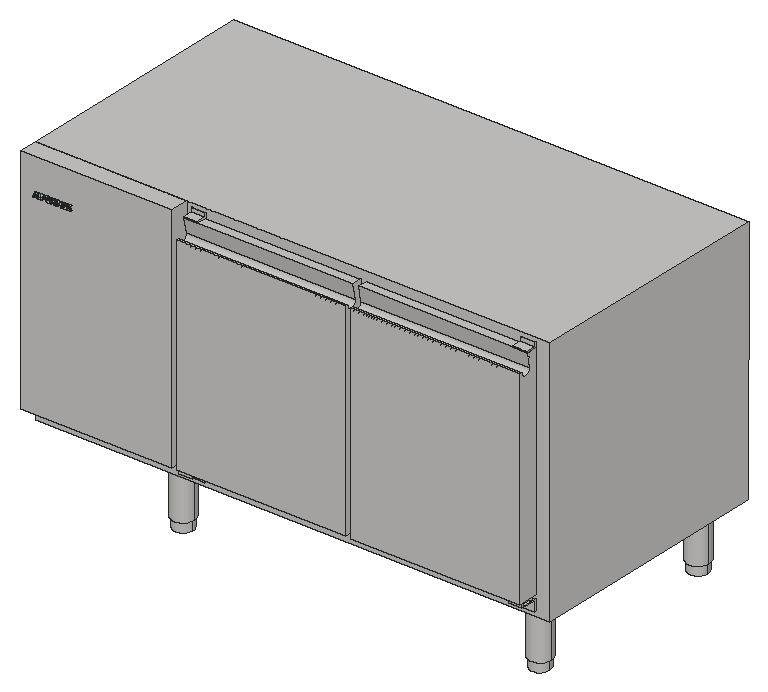
Revit family "QF_ALPENINOX_712675_AJ2F7AA", category Specialty Equipment, Revit 2018 (continued)
Definition of nested family "APX_BI_BT_L_650"
  Lines and regions (mm)
    Split face 122
      outline origin (-5, -975.3, 50) x (1, 0, 0) y (0, 1, 0)
        loop
          arc (-121.464, 661.474) -> (-117.464, 665.474) -> (-121.464, 669.474) r 4
          line (-121.464, 669.474) -> (-163.464, 669.474)
    Split face 123
      outline origin (325, -975.3, 50) x (1, 0, 0) y (0, 1, 0)
        loop
          arc (-328.464, 669.474) -> (-332.464, 665.474) -> (-328.464, 661.474) r 4
          line (-328.464, 661.474) -> (-286.464, 661.474)
          arc (-286.464, 661.474) -> (-282.464, 665.474) -> (-286.464, 669.474) r 4
          line (-286.464, 669.474) -> (-328.464, 669.474)
    Split face 124
      outline origin (105, -975.3, 50) x (1, 0, 0) y (0, 1, 0)
        loop
          arc (-218.464, 669.474) -> (-222.464, 665.474) -> (-218.464, 661.474) r 4
          line (-218.464, 661.474) -> (-176.464, 661.474)
          arc (-176.464, 661.474) -> (-172.464, 665.474) -> (-176.464, 669.474) r 4
          line (-176.464, 669.474) -> (-218.464, 669.474)
    Split face 125
      outline origin (215, -975.3, 50) x (1, 0, 0) y (0, 1, 0)
        loop
          arc (-273.464, 669.474) -> (-277.464, 665.474) -> (-273.464, 661.474) r 4
          line (-273.464, 661.474) -> (-231.464, 661.474)
          arc (-231.464, 661.474) -> (-227.464, 665.474) -> (-231.464, 669.474) r 4
          line (-231.464, 669.474) -> (-273.464, 669.474)
    Split face 126
      outline origin (-5, -999.3, 50) x (1, 0, 0) y (0, 1, 0)
        loop
          arc (-163.464, 681.474) -> (-167.464, 677.474) -> (-163.464, 673.474) r 4
          line (-163.464, 673.474) -> (-121.464, 673.474)
          arc (-121.464, 673.474) -> (-117.464, 677.474) -> (-121.464, 681.474) r 4
          line (-121.464, 681.474) -> (-163.464, 681.474)
    Split face 127
      outline origin (325, -999.3, 50) x (1, 0, 0) y (0, 1, 0)
        loop
          arc (-328.464, 681.474) -> (-332.464, 677.474) -> (-328.464, 673.474) r 4
          line (-328.464, 673.474) -> (-286.464, 673.474)
          arc (-286.464, 673.474) -> (-282.464, 677.474) -> (-286.464, 681.474) r 4
          line (-286.464, 681.474) -> (-328.464, 681.474)
    Split face 128
      outline origin (105, -999.3, 50) x (1, 0, 0) y (0, 1, 0)
        loop
          arc (-218.464, 681.474) -> (-222.464, 677.474) -> (-218.464, 673.474) r 4
          line (-218.464, 673.474) -> (-176.464, 673.474)
          arc (-176.464, 673.474) -> (-172.464, 677.474) -> (-176.464, 681.474) r 4
          line (-176.464, 681.474) -> (-218.464, 681.474)
    Split face 129
      outline origin (215, -999.3, 50) x (1, 0, 0) y (0, 1, 0)
        loop
          arc (-273.464, 681.474) -> (-277.464, 677.474) -> (-273.464, 673.474) r 4
          line (-273.464, 673.474) -> (-231.464, 673.474)
          arc (-231.464, 673.474) -> (-227.464, 677.474) -> (-231.464, 681.474) r 4
          line (-231.464, 681.474) -> (-273.464, 681.474)
    Split face 130
      outline origin (-5, -1023.3, 50) x (1, 0, 0) y (0, 1, 0)
        loop
          arc (-163.464, 693.474) -> (-167.464, 689.474) -> (-163.464, 685.474) r 4
          line (-163.464, 685.474) -> (-121.464, 685.474)
          arc (-121.464, 685.474) -> (-117.464, 689.474) -> (-121.464, 693.474) r 4
          line (-121.464, 693.474) -> (-163.464, 693.474)
    Split face 131
      outline origin (325, -1023.3, 50) x (1, 0, 0) y (0, 1, 0)
        loop
          arc (-328.464, 693.474) -> (-332.464, 689.474) -> (-328.464, 685.474) r 4
          line (-328.464, 685.474) -> (-286.464, 685.474)
          arc (-286.464, 685.474) -> (-282.464, 689.474) -> (-286.464, 693.474) r 4
          line (-286.464, 693.474) -> (-328.464, 693.474)
    Split face 132
      outline origin (105, -1023.3, 50) x (1, 0, 0) y (0, 1, 0)
        loop
          arc (-218.464, 693.474) -> (-222.464, 689.474) -> (-218.464, 685.474) r 4
          line (-218.464, 685.474) -> (-176.464, 685.474)
          arc (-176.464, 685.474) -> (-172.464, 689.474) -> (-176.464, 693.474) r 4
          line (-176.464, 693.474) -> (-218.464, 693.474)
    Split face 133
      outline origin (215, -1023.3, 50) x (1, 0, 0) y (0, 1, 0)
        loop
          arc (-273.464, 693.474) -> (-277.464, 689.474) -> (-273.464, 685.474) r 4
          line (-273.464, 685.474) -> (-231.464, 685.474)
          arc (-231.464, 685.474) -> (-227.464, 689.474) -> (-231.464, 693.474) r 4
          line (-231.464, 693.474) -> (-273.464, 693.474)
    Split face 134
      outline origin (0, 0, 50) x (1, 0, 0) y (0, 1, 0)
        loop
          arc (51.536, 131.824) -> (47.536, 127.824) -> (51.536, 123.824) r 4
          line (51.536, 123.824) -> (93.536, 123.824)
          arc (93.536, 123.824) -> (97.536, 127.824) -> (93.536, 131.824) r 4
          line (93.536, 131.824) -> (51.536, 131.824)
    Split face 135
      outline origin (0, 0, 50) x (1, 0, 0) y (0, 1, 0)
        loop
          arc (106.536, 131.824) -> (102.536, 127.824) -> (106.536, 123.824) r 4
          line (106.536, 123.824) -> (148.536, 123.824)
          arc (148.536, 123.824) -> (152.536, 127.824) -> (148.536, 131.824) r 4
          line (148.536, 131.824) -> (106.536, 131.824)
    Split face 136
      outline origin (0, -24, 50) x (1, 0, 0) y (0, 1, 0)
        loop
          arc (51.536, 143.824) -> (47.536, 139.824) -> (51.536, 135.824) r 4
          line (51.536, 135.824) -> (93.536, 135.824)
          arc (93.536, 135.824) -> (97.536, 139.824) -> (93.536, 143.824) r 4
          line (93.536, 143.824) -> (51.536, 143.824)
    Split face 137
      outline origin (0, -24, 50) x (1, 0, 0) y (0, 1, 0)
        loop
          arc (106.536, 143.824) -> (102.536, 139.824) -> (106.536, 135.824) r 4
          line (106.536, 135.824) -> (148.536, 135.824)
          arc (148.536, 135.824) -> (152.536, 139.824) -> (148.536, 143.824) r 4
          line (148.536, 143.824) -> (106.536, 143.824)
    Split face 138
      outline origin (0, -48, 50) x (1, 0, 0) y (0, 1, 0)
        loop
          arc (51.536, 155.824) -> (47.536, 151.824) -> (51.536, 147.824) r 4
          line (51.536, 147.824) -> (93.536, 147.824)
          arc (93.536, 147.824) -> (97.536, 151.824) -> (93.536, 155.824) r 4
          line (93.536, 155.824) -> (51.536, 155.824)
    Split face 139
      outline origin (0, -48, 50) x (1, 0, 0) y (0, 1, 0)
        loop
          arc (106.536, 155.824) -> (102.536, 151.824) -> (106.536, 147.824) r 4
          line (106.536, 147.824) -> (148.536, 147.824)
          arc (148.536, 147.824) -> (152.536, 151.824) -> (148.536, 155.824) r 4
          line (148.536, 155.824) -> (106.536, 155.824)
    Split face 140
      outline origin (0, -72, 50) x (1, 0, 0) y (0, 1, 0)
        loop
          arc (51.536, 167.824) -> (47.536, 163.824) -> (51.536, 159.824) r 4
          line (51.536, 159.824) -> (93.536, 159.824)
          arc (93.536, 159.824) -> (97.536, 163.824) -> (93.536, 167.824) r 4
          line (93.536, 167.824) -> (51.536, 167.824)
    Split face 141
      outline origin (0, -72, 50) x (1, 0, 0) y (0, 1, 0)
        loop
          arc (106.536, 167.824) -> (102.536, 163.824) -> (106.536, 159.824) r 4
          line (106.536, 159.824) -> (148.536, 159.824)
          arc (148.536, 159.824) -> (152.536, 163.824) -> (148.536, 167.824) r 4
          line (148.536, 167.824) -> (106.536, 167.824)
    Split face 142
      outline origin (0, -96, 50) x (1, 0, 0) y (0, 1, 0)
        loop
          arc (51.536, 179.824) -> (47.536, 175.824) -> (51.536, 171.824) r 4
          line (51.536, 171.824) -> (93.536, 171.824)
          arc (93.536, 171.824) -> (97.536, 175.824) -> (93.536, 179.824) r 4
          line (93.536, 179.824) -> (51.536, 179.824)
    Split face 143
      outline origin (0, -96, 50) x (1, 0, 0) y (0, 1, 0)
        loop
          arc (106.536, 179.824) -> (102.536, 175.824) -> (106.536, 171.824) r 4
          line (106.536, 171.824) -> (148.536, 171.824)
          arc (148.536, 171.824) -> (152.536, 175.824) -> (148.536, 179.824) r 4
          line (148.536, 179.824) -> (106.536, 179.824)
    Split face 144
      outline origin (0, -120, 50) x (1, 0, 0) y (0, 1, 0)
        loop
          arc (51.536, 191.824) -> (47.536, 187.824) -> (51.536, 183.824) r 4
          line (51.536, 183.824) -> (93.536, 183.824)
          arc (93.536, 183.824) -> (97.536, 187.824) -> (93.536, 191.824) r 4
          line (93.536, 191.824) -> (51.536, 191.824)
    Split face 145
      outline origin (0, -120, 50) x (1, 0, 0) y (0, 1, 0)
        loop
          arc (106.536, 191.824) -> (102.536, 187.824) -> (106.536, 183.824) r 4
          line (106.536, 183.824) -> (148.536, 183.824)
          arc (148.536, 183.824) -> (152.536, 187.824) -> (148.536, 191.824) r 4
          line (148.536, 191.824) -> (106.536, 191.824)
    Split face 146
      outline origin (0, -144, 50) x (1, 0, 0) y (0, 1, 0)
        loop
          arc (51.536, 203.824) -> (47.536, 199.824) -> (51.536, 195.824) r 4
          line (51.536, 195.824) -> (93.536, 195.824)
          arc (93.536, 195.824) -> (97.536, 199.824) -> (93.536, 203.824) r 4
          line (93.536, 203.824) -> (51.536, 203.824)
    Split face 147
      outline origin (0, -144, 50) x (1, 0, 0) y (0, 1, 0)
        loop
          arc (106.536, 203.824) -> (102.536, 199.824) -> (106.536, 195.824) r 4
          line (106.536, 195.824) -> (148.536, 195.824)
          arc (148.536, 195.824) -> (152.536, 199.824) -> (148.536, 203.824) r 4
          line (148.536, 203.824) -> (106.536, 203.824)
    Split face 148
      outline origin (0, -168, 50) x (1, 0, 0) y (0, 1, 0)
        loop
          arc (51.536, 215.824) -> (47.536, 211.824) -> (51.536, 207.824) r 4
          line (51.536, 207.824) -> (93.536, 207.824)
          arc (93.536, 207.824) -> (97.536, 211.824) -> (93.536, 215.824) r 4
          line (93.536, 215.824) -> (51.536, 215.824)
    Split face 149
      outline origin (0, -168, 50) x (1, 0, 0) y (0, 1, 0)
        loop
          arc (106.536, 215.824) -> (102.536, 211.824) -> (106.536, 207.824) r 4
          line (106.536, 207.824) -> (148.536, 207.824)
          arc (148.536, 207.824) -> (152.536, 211.824) -> (148.536, 215.824) r 4
          line (148.536, 215.824) -> (106.536, 215.824)
    Split face 150
      outline origin (0, -192, 50) x (1, 0, 0) y (0, 1, 0)
        loop
          arc (51.536, 227.824) -> (47.536, 223.824) -> (51.536, 219.824) r 4
          line (51.536, 219.824) -> (93.536, 219.824)
          arc (93.536, 219.824) -> (97.536, 223.824) -> (93.536, 227.824) r 4
          line (93.536, 227.824) -> (51.536, 227.824)
    Split face 151
      outline origin (0, -192, 50) x (1, 0, 0) y (0, 1, 0)
        loop
          arc (106.536, 227.824) -> (102.536, 223.824) -> (106.536, 219.824) r 4
          line (106.536, 219.824) -> (148.536, 219.824)
          arc (148.536, 219.824) -> (152.536, 223.824) -> (148.536, 227.824) r 4
          line (148.536, 227.824) -> (106.536, 227.824)
    Split face 152
      outline origin (0, -216, 50) x (1, 0, 0) y (0, 1, 0)
        loop
          arc (51.536, 239.824) -> (47.536, 235.824) -> (51.536, 231.824) r 4
          line (51.536, 231.824) -> (93.536, 231.824)
          arc (93.536, 231.824) -> (97.536, 235.824) -> (93.536, 239.824) r 4
          line (93.536, 239.824) -> (51.536, 239.824)
    Split face 153
      outline origin (0, -216, 50) x (1, 0, 0) y (0, 1, 0)
        loop
          arc (106.536, 239.824) -> (102.536, 235.824) -> (106.536, 231.824) r 4
          line (106.536, 231.824) -> (148.536, 231.824)
          arc (148.536, 231.824) -> (152.536, 235.824) -> (148.536, 239.824) r 4
          line (148.536, 239.824) -> (106.536, 239.824)
    Split face 154
      outline origin (0, -240, 50) x (1, 0, 0) y (0, 1, 0)
        loop
          arc (51.536, 251.824) -> (47.536, 247.824) -> (51.536, 243.824) r 4
          line (51.536, 243.824) -> (93.536, 243.824)
          arc (93.536, 243.824) -> (97.536, 247.824) -> (93.536, 251.824) r 4
          line (93.536, 251.824) -> (51.536, 251.824)
    Split face 155
      outline origin (0, -240, 50) x (1, 0, 0) y (0, 1, 0)
        loop
          arc (106.536, 251.824) -> (102.536, 247.824) -> (106.536, 243.824) r 4
          line (106.536, 243.824) -> (148.536, 243.824)
          arc (148.536, 243.824) -> (152.536, 247.824) -> (148.536, 251.824) r 4
          line (148.536, 251.824) -> (106.536, 251.824)
    Split face 156
      outline origin (0, -264, 50) x (1, 0, 0) y (0, 1, 0)
        loop
          arc (51.536, 263.824) -> (47.536, 259.824) -> (51.536, 255.824) r 4
          line (51.536, 255.824) -> (93.536, 255.824)
          arc (93.536, 255.824) -> (97.536, 259.824) -> (93.536, 263.824) r 4
          line (93.536, 263.824) -> (51.536, 263.824)
    Split face 157
      outline origin (0, -264, 50) x (1, 0, 0) y (0, 1, 0)
        loop
          arc (106.536, 263.824) -> (102.536, 259.824) -> (106.536, 255.824) r 4
          line (106.536, 255.824) -> (148.536, 255.824)
          arc (148.536, 255.824) -> (152.536, 259.824) -> (148.536, 263.824) r 4
          line (148.536, 263.824) -> (106.536, 263.824)
    Split face 158
      outline origin (0, -288, 50) x (1, 0, 0) y (0, 1, 0)
        loop
          arc (51.536, 275.824) -> (47.536, 271.824) -> (51.536, 267.824) r 4
          line (51.536, 267.824) -> (93.536, 267.824)
          arc (93.536, 267.824) -> (97.536, 271.824) -> (93.536, 275.824) r 4
          line (93.536, 275.824) -> (51.536, 275.824)
    Split face 159
      outline origin (0, -288, 50) x (1, 0, 0) y (0, 1, 0)
        loop
          arc (106.536, 275.824) -> (102.536, 271.824) -> (106.536, 267.824) r 4
          line (106.536, 267.824) -> (148.536, 267.824)
          arc (148.536, 267.824) -> (152.536, 271.824) -> (148.536, 275.824) r 4
          line (148.536, 275.824) -> (106.536, 275.824)
    Split face 160
      outline origin (0, -312, 50) x (1, 0, 0) y (0, 1, 0)
        loop
          arc (51.536, 287.824) -> (47.536, 283.824) -> (51.536, 279.824) r 4
          line (51.536, 279.824) -> (93.536, 279.824)
          arc (93.536, 279.824) -> (97.536, 283.824) -> (93.536, 287.824) r 4
          line (93.536, 287.824) -> (51.536, 287.824)
    Split face 161
      outline origin (0, -312, 50) x (1, 0, 0) y (0, 1, 0)
        loop
          arc (106.536, 287.824) -> (102.536, 283.824) -> (106.536, 279.824) r 4
          line (106.536, 279.824) -> (148.536, 279.824)
          arc (148.536, 279.824) -> (152.536, 283.824) -> (148.536, 287.824) r 4
          line (148.536, 287.824) -> (106.536, 287.824)
    Split face 162
      outline origin (0, -336, 50) x (1, 0, 0) y (0, 1, 0)
        loop
          arc (51.536, 299.824) -> (47.536, 295.824) -> (51.536, 291.824) r 4
          line (51.536, 291.824) -> (93.536, 291.824)
          arc (93.536, 291.824) -> (97.536, 295.824) -> (93.536, 299.824) r 4
          line (93.536, 299.824) -> (51.536, 299.824)
    Split face 163
      outline origin (0, -336, 50) x (1, 0, 0) y (0, 1, 0)
        loop
          arc (106.536, 299.824) -> (102.536, 295.824) -> (106.536, 291.824) r 4
          line (106.536, 291.824) -> (148.536, 291.824)
          arc (148.536, 291.824) -> (152.536, 295.824) -> (148.536, 299.824) r 4
          line (148.536, 299.824) -> (106.536, 299.824)
    Split face 164
      outline origin (0, -360, 50) x (1, 0, 0) y (0, 1, 0)
        loop
          arc (51.536, 311.824) -> (47.536, 307.824) -> (51.536, 303.824) r 4
          line (51.536, 303.824) -> (93.536, 303.824)
          arc (93.536, 303.824) -> (97.536, 307.824) -> (93.536, 311.824) r 4
          line (93.536, 311.824) -> (51.536, 311.824)
    Split face 165
      outline origin (0, -360, 50) x (1, 0, 0) y (0, 1, 0)
        loop
          arc (106.536, 311.824) -> (102.536, 307.824) -> (106.536, 303.824) r 4
          line (106.536, 303.824) -> (148.536, 303.824)
          arc (148.536, 303.824) -> (152.536, 307.824) -> (148.536, 311.824) r 4
          line (148.536, 311.824) -> (106.536, 311.824)
    Split face 166
      outline origin (0, -663.3, 50) x (1, 0, 0) y (0, 1, 0)
        loop
          arc (51.536, 513.474) -> (47.536, 509.474) -> (51.536, 505.474) r 4
          line (51.536, 505.474) -> (93.536, 505.474)
          arc (93.536, 505.474) -> (97.536, 509.474) -> (93.536, 513.474) r 4
          line (93.536, 513.474) -> (51.536, 513.474)
    Split face 167
      outline origin (0, -663.3, 50) x (1, 0, 0) y (0, 1, 0)
        loop
          arc (106.536, 513.474) -> (102.536, 509.474) -> (106.536, 505.474) r 4
          line (106.536, 505.474) -> (148.536, 505.474)
          arc (148.536, 505.474) -> (152.536, 509.474) -> (148.536, 513.474) r 4
          line (148.536, 513.474) -> (106.536, 513.474)
    Split face 168
      outline origin (0, -687.3, 50) x (1, 0, 0) y (0, 1, 0)
        loop
          arc (51.536, 525.474) -> (47.536, 521.474) -> (51.536, 517.474) r 4
          line (51.536, 517.474) -> (93.536, 517.474)
          arc (93.536, 517.474) -> (97.536, 521.474) -> (93.536, 525.474) r 4
          line (93.536, 525.474) -> (51.536, 525.474)
    Split face 169
      outline origin (0, -687.3, 50) x (1, 0, 0) y (0, 1, 0)
        loop
          arc (106.536, 525.474) -> (102.536, 521.474) -> (106.536, 517.474) r 4
          line (106.536, 517.474) -> (148.536, 517.474)
          arc (148.536, 517.474) -> (152.536, 521.474) -> (148.536, 525.474) r 4
          line (148.536, 525.474) -> (106.536, 525.474)
    Split face 170
      outline origin (0, -711.3, 50) x (1, 0, 0) y (0, 1, 0)
        loop
          arc (51.536, 537.474) -> (47.536, 533.474) -> (51.536, 529.474) r 4
          line (51.536, 529.474) -> (93.536, 529.474)
          arc (93.536, 529.474) -> (97.536, 533.474) -> (93.536, 537.474) r 4
          line (93.536, 537.474) -> (51.536, 537.474)
    Split face 171
      outline origin (0, -711.3, 50) x (1, 0, 0) y (0, 1, 0)
        loop
          arc (106.536, 537.474) -> (102.536, 533.474) -> (106.536, 529.474) r 4
          line (106.536, 529.474) -> (148.536, 529.474)
          arc (148.536, 529.474) -> (152.536, 533.474) -> (148.536, 537.474) r 4
          line (148.536, 537.474) -> (106.536, 537.474)
    Split face 172
      outline origin (0, -735.3, 50) x (1, 0, 0) y (0, 1, 0)
        loop
          arc (51.536, 549.474) -> (47.536, 545.474) -> (51.536, 541.474) r 4
          line (51.536, 541.474) -> (93.536, 541.474)
          arc (93.536, 541.474) -> (97.536, 545.474) -> (93.536, 549.474) r 4
          line (93.536, 549.474) -> (51.536, 549.474)
    Split face 173
      outline origin (0, -735.3, 50) x (1, 0, 0) y (0, 1, 0)
        loop
          arc (106.536, 549.474) -> (102.536, 545.474) -> (106.536, 541.474) r 4
          line (106.536, 541.474) -> (148.536, 541.474)
          arc (148.536, 541.474) -> (152.536, 545.474) -> (148.536, 549.474) r 4
          line (148.536, 549.474) -> (106.536, 549.474)
    Split face 174
      outline origin (0, -759.3, 50) x (1, 0, 0) y (0, 1, 0)
        loop
          arc (51.536, 561.474) -> (47.536, 557.474) -> (51.536, 553.474) r 4
          line (51.536, 553.474) -> (93.536, 553.474)
          arc (93.536, 553.474) -> (97.536, 557.474) -> (93.536, 561.474) r 4
          line (93.536, 561.474) -> (51.536, 561.474)
    Split face 175
      outline origin (0, -759.3, 50) x (1, 0, 0) y (0, 1, 0)
        loop
          arc (106.536, 561.474) -> (102.536, 557.474) -> (106.536, 553.474) r 4
          line (106.536, 553.474) -> (148.536, 553.474)
          arc (148.536, 553.474) -> (152.536, 557.474) -> (148.536, 561.474) r 4
          line (148.536, 561.474) -> (106.536, 561.474)
    Split face 176
      outline origin (0, -783.3, 50) x (1, 0, 0) y (0, 1, 0)
        loop
          arc (51.536, 573.474) -> (47.536, 569.474) -> (51.536, 565.474) r 4
          line (51.536, 565.474) -> (93.536, 565.474)
          arc (93.536, 565.474) -> (97.536, 569.474) -> (93.536, 573.474) r 4
          line (93.536, 573.474) -> (51.536, 573.474)
    Split face 177
      outline origin (0, -783.3, 50) x (1, 0, 0) y (0, 1, 0)
        loop
          arc (106.536, 573.474) -> (102.536, 569.474) -> (106.536, 565.474) r 4
          line (106.536, 565.474) -> (148.536, 565.474)
          arc (148.536, 565.474) -> (152.536, 569.474) -> (148.536, 573.474) r 4
          line (148.536, 573.474) -> (106.536, 573.474)
    Split face 178
      outline origin (0, -807.3, 50) x (1, 0, 0) y (0, 1, 0)
        loop
          arc (51.536, 585.474) -> (47.536, 581.474) -> (51.536, 577.474) r 4
          line (51.536, 577.474) -> (93.536, 577.474)
          arc (93.536, 577.474) -> (97.536, 581.474) -> (93.536, 585.474) r 4
          line (93.536, 585.474) -> (51.536, 585.474)
    Split face 179
      outline origin (0, -807.3, 50) x (1, 0, 0) y (0, 1, 0)
        loop
          arc (106.536, 585.474) -> (102.536, 581.474) -> (106.536, 577.474) r 4
          line (106.536, 577.474) -> (148.536, 577.474)
          arc (148.536, 577.474) -> (152.536, 581.474) -> (148.536, 585.474) r 4
          line (148.536, 585.474) -> (106.536, 585.474)
    Split face 180
      outline origin (0, -831.3, 50) x (1, 0, 0) y (0, 1, 0)
        loop
          arc (51.536, 597.474) -> (47.536, 593.474) -> (51.536, 589.474) r 4
          line (51.536, 589.474) -> (93.536, 589.474)
          arc (93.536, 589.474) -> (97.536, 593.474) -> (93.536, 597.474) r 4
          line (93.536, 597.474) -> (51.536, 597.474)
    Split face 181
      outline origin (0, -831.3, 50) x (1, 0, 0) y (0, 1, 0)
        loop
          arc (106.536, 597.474) -> (102.536, 593.474) -> (106.536, 589.474) r 4
          line (106.536, 589.474) -> (148.536, 589.474)
          arc (148.536, 589.474) -> (152.536, 593.474) -> (148.536, 597.474) r 4
          line (148.536, 597.474) -> (106.536, 597.474)
    Split face 182
      outline origin (0, -855.3, 50) x (1, 0, 0) y (0, 1, 0)
        loop
          arc (51.536, 609.474) -> (47.536, 605.474) -> (51.536, 601.474) r 4
          line (51.536, 601.474) -> (93.536, 601.474)
          arc (93.536, 601.474) -> (97.536, 605.474) -> (93.536, 609.474) r 4
          line (93.536, 609.474) -> (51.536, 609.474)
    Split face 183
      outline origin (0, -855.3, 50) x (1, 0, 0) y (0, 1, 0)
        loop
          arc (106.536, 609.474) -> (102.536, 605.474) -> (106.536, 601.474) r 4
          line (106.536, 601.474) -> (148.536, 601.474)
          arc (148.536, 601.474) -> (152.536, 605.474) -> (148.536, 609.474) r 4
          line (148.536, 609.474) -> (106.536, 609.474)
    Split face 184
      outline origin (0, -879.3, 50) x (1, 0, 0) y (0, 1, 0)
        loop
          arc (51.536, 621.474) -> (47.536, 617.474) -> (51.536, 613.474) r 4
          line (51.536, 613.474) -> (93.536, 613.474)
          arc (93.536, 613.474) -> (97.536, 617.474) -> (93.536, 621.474) r 4
          line (93.536, 621.474) -> (51.536, 621.474)
    Split face 185
      outline origin (0, -879.3, 50) x (1, 0, 0) y (0, 1, 0)
        loop
          arc (106.536, 621.474) -> (102.536, 617.474) -> (106.536, 613.474) r 4
          line (106.536, 613.474) -> (148.536, 613.474)
          arc (148.536, 613.474) -> (152.536, 617.474) -> (148.536, 621.474) r 4
          line (148.536, 621.474) -> (106.536, 621.474)
    Split face 186
      outline origin (0, -903.3, 50) x (1, 0, 0) y (0, 1, 0)
        loop
          arc (51.536, 633.474) -> (47.536, 629.474) -> (51.536, 625.474) r 4
          line (51.536, 625.474) -> (93.536, 625.474)
          arc (93.536, 625.474) -> (97.536, 629.474) -> (93.536, 633.474) r 4
          line (93.536, 633.474) -> (51.536, 633.474)
    Split face 187
      outline origin (0, -903.3, 50) x (1, 0, 0) y (0, 1, 0)
        loop
          arc (106.536, 633.474) -> (102.536, 629.474) -> (106.536, 625.474) r 4
          line (106.536, 625.474) -> (148.536, 625.474)
          arc (148.536, 625.474) -> (152.536, 629.474) -> (148.536, 633.474) r 4
          line (148.536, 633.474) -> (106.536, 633.474)
    Split face 188
      outline origin (0, -927.3, 50) x (1, 0, 0) y (0, 1, 0)
        loop
          arc (51.536, 645.474) -> (47.536, 641.474) -> (51.536, 637.474) r 4
          line (51.536, 637.474) -> (93.536, 637.474)
          arc (93.536, 637.474) -> (97.536, 641.474) -> (93.536, 645.474) r 4
          line (93.536, 645.474) -> (51.536, 645.474)
    Split face 189
      outline origin (0, -927.3, 50) x (1, 0, 0) y (0, 1, 0)
        loop
          arc (106.536, 645.474) -> (102.536, 641.474) -> (106.536, 637.474) r 4
          line (106.536, 637.474) -> (148.536, 637.474)
          arc (148.536, 637.474) -> (152.536, 641.474) -> (148.536, 645.474) r 4
          line (148.536, 645.474) -> (106.536, 645.474)
    Split face 190
      outline origin (0, -951.3, 50) x (1, 0, 0) y (0, 1, 0)
        loop
          arc (51.536, 657.474) -> (47.536, 653.474) -> (51.536, 649.474) r 4
          line (51.536, 649.474) -> (93.536, 649.474)
          arc (93.536, 649.474) -> (97.536, 653.474) -> (93.536, 657.474) r 4
          line (93.536, 657.474) -> (51.536, 657.474)
    Split face 191
      outline origin (0, -951.3, 50) x (1, 0, 0) y (0, 1, 0)
        loop
          arc (106.536, 657.474) -> (102.536, 653.474) -> (106.536, 649.474) r 4
          line (106.536, 649.474) -> (148.536, 649.474)
          arc (148.536, 649.474) -> (152.536, 653.474) -> (148.536, 657.474) r 4
          line (148.536, 657.474) -> (106.536, 657.474)
    Split face 192
      outline origin (0, -975.3, 50) x (1, 0, 0) y (0, 1, 0)
        loop
          arc (51.536, 669.474) -> (47.536, 665.474) -> (51.536, 661.474) r 4
          line (51.536, 661.474) -> (93.536, 661.474)
          arc (93.536, 661.474) -> (97.536, 665.474) -> (93.536, 669.474) r 4
          line (93.536, 669.474) -> (51.536, 669.474)
    Split face 193
      outline origin (0, -975.3, 50) x (1, 0, 0) y (0, 1, 0)
        loop
          arc (106.536, 669.474) -> (102.536, 665.474) -> (106.536, 661.474) r 4
          line (106.536, 661.474) -> (148.536, 661.474)
          arc (148.536, 661.474) -> (152.536, 665.474) -> (148.536, 669.474) r 4
          line (148.536, 669.474) -> (106.536, 669.474)
    Split face 194
      outline origin (0, -999.3, 50) x (1, 0, 0) y (0, 1, 0)
        loop
          arc (51.536, 681.474) -> (47.536, 677.474) -> (51.536, 673.474) r 4
          line (51.536, 673.474) -> (93.536, 673.474)
          arc (93.536, 673.474) -> (97.536, 677.474) -> (93.536, 681.474) r 4
          line (93.536, 681.474) -> (51.536, 681.474)
    Split face 195
      outline origin (0, -999.3, 50) x (1, 0, 0) y (0, 1, 0)
        loop
          arc (106.536, 681.474) -> (102.536, 677.474) -> (106.536, 673.474) r 4
          line (106.536, 673.474) -> (148.536, 673.474)
          arc (148.536, 673.474) -> (152.536, 677.474) -> (148.536, 681.474) r 4
          line (148.536, 681.474) -> (106.536, 681.474)
    Split face 196
      outline origin (0, -1023.3, 50) x (1, 0, 0) y (0, 1, 0)
        loop
          arc (51.536, 693.474) -> (47.536, 689.474) -> (51.536, 685.474) r 4
          line (51.536, 685.474) -> (93.536, 685.474)
          arc (93.536, 685.474) -> (97.536, 689.474) -> (93.536, 693.474) r 4
          line (93.536, 693.474) -> (51.536, 693.474)
    Split face 197
      outline origin (0, -1023.3, 50) x (1, 0, 0) y (0, 1, 0)
        loop
          arc (106.536, 693.474) -> (102.536, 689.474) -> (106.536, 685.474) r 4
          line (106.536, 685.474) -> (148.536, 685.474)
          arc (148.536, 685.474) -> (152.536, 689.474) -> (148.536, 693.474) r 4
          line (148.536, 693.474) -> (106.536, 693.474)
    Split face 198
      outline origin (100, 0, 50) x (1, 0, 0) y (0, 1, 0)
        loop
          line (87.08, 183) -> (-272.92, 183)
          arc (-272.92, 183) -> (-290.42, 165.5) -> (-272.92, 148) r 17.5
          line (-272.92, 148) -> (87.08, 148)
    symbolic lines
      curve 1: line (187.08, -49, 50) -> (187.08, -49, 0)
  Dimensions and locks
    equal spacing: plane 4, plane 3 "Center (Left/Right)", plane 5
    equal spacing: plane 6, plane 1 "Center (Front/Back)", plane 7
    aligned and locked: plane 2 to Extrusion 1
    aligned and locked: level to Extrusion 1
  Automatic sketch dimensions
    Split face 4 sketch curve to Split face 4 sketch curve = 42 mm
    Split face 4 sketch curve to Split face 4 sketch curve = 4 mm
    Split face 5 sketch curve to Split face 5 sketch curve = 42 mm
    Split face 5 sketch curve to Split face 5 sketch curve = 4 mm
    Split face 6 sketch curve to Split face 6 sketch curve = 42 mm
    Split face 6 sketch curve to Split face 6 sketch curve = 4 mm
    Split face 7 sketch curve to Split face 7 sketch curve = 42 mm
    Split face 7 sketch curve to Split face 7 sketch curve = 4 mm
    Split face 8 sketch curve to Split face 8 sketch curve = 42 mm
    Split face 8 sketch curve to Split face 8 sketch curve = 4 mm
    Split face 9 sketch curve to Split face 9 sketch curve = 42 mm
    Split face 9 sketch curve to Split face 9 sketch curve = 4 mm
    Split face 10 sketch curve to Split face 10 sketch curve = 42 mm
    Split face 10 sketch curve to Split face 10 sketch curve = 4 mm
    Split face 11 sketch curve to Split face 11 sketch curve = 42 mm
    Split face 11 sketch curve to Split face 11 sketch curve = 4 mm
    Split face 12 sketch curve to Split face 12 sketch curve = 42 mm
    Split face 12 sketch curve to Split face 12 sketch curve = 4 mm
    Split face 13 sketch curve to Split face 13 sketch curve = 42 mm
    Split face 13 sketch curve to Split face 13 sketch curve = 4 mm
    Split face 14 sketch curve to Split face 14 sketch curve = 42 mm
    Split face 14 sketch curve to Split face 14 sketch curve = 4 mm
    Split face 15 sketch curve to Split face 15 sketch curve = 42 mm
    Split face 15 sketch curve to Split face 15 sketch curve = 4 mm
    Split face 16 sketch curve to Split face 16 sketch curve = 42 mm
    Split face 16 sketch curve to Split face 16 sketch curve = 4 mm
    Split face 17 sketch curve to Split face 17 sketch curve = 42 mm
    Split face 17 sketch curve to Split face 17 sketch curve = 4 mm
    Split face 18 sketch curve to Split face 18 sketch curve = 42 mm
    Split face 18 sketch curve to Split face 18 sketch curve = 4 mm
    Split face 19 sketch curve to Split face 19 sketch curve = 42 mm
    Split face 19 sketch curve to Split face 19 sketch curve = 4 mm
    Split face 20 sketch curve to Split face 20 sketch curve = 42 mm
    Split face 20 sketch curve to Split face 20 sketch curve = 4 mm
    Split face 21 sketch curve to Split face 21 sketch curve = 42 mm
    Split face 21 sketch curve to Split face 21 sketch curve = 4 mm
    Split face 22 sketch curve to Split face 22 sketch curve = 42 mm
    Split face 22 sketch curve to Split face 22 sketch curve = 4 mm
    Split face 23 sketch curve to Split face 23 sketch curve = 42 mm
    Split face 23 sketch curve to Split face 23 sketch curve = 4 mm
    Split face 24 sketch curve to Split face 24 sketch curve = 42 mm
    Split face 24 sketch curve to Split face 24 sketch curve = 4 mm
    Split face 25 sketch curve to Split face 25 sketch curve = 42 mm
    Split face 25 sketch curve to Split face 25 sketch curve = 4 mm
    Split face 26 sketch curve to Split face 26 sketch curve = 42 mm
    Split face 26 sketch curve to Split face 26 sketch curve = 4 mm
    Split face 27 sketch curve to Split face 27 sketch curve = 42 mm
    Split face 27 sketch curve to Split face 27 sketch curve = 4 mm
    Split face 28 sketch curve to Split face 28 sketch curve = 42 mm
    Split face 28 sketch curve to Split face 28 sketch curve = 4 mm
    Split face 29 sketch curve to Split face 29 sketch curve = 42 mm
    Split face 29 sketch curve to Split face 29 sketch curve = 4 mm
    Split face 30 sketch curve to Split face 30 sketch curve = 42 mm
    Split face 30 sketch curve to Split face 30 sketch curve = 4 mm
    Split face 31 sketch curve to Split face 31 sketch curve = 42 mm
    Split face 31 sketch curve to Split face 31 sketch curve = 4 mm
    Split face 32 sketch curve to Split face 32 sketch curve = 42 mm
    Split face 32 sketch curve to Split face 32 sketch curve = 4 mm
    Split face 33 sketch curve to Split face 33 sketch curve = 42 mm
    Split face 33 sketch curve to Split face 33 sketch curve = 4 mm
    Split face 34 sketch curve to Split face 34 sketch curve = 42 mm
    Split face 34 sketch curve to Split face 34 sketch curve = 4 mm
    Split face 35 sketch curve to Split face 35 sketch curve = 42 mm
    Split face 35 sketch curve to Split face 35 sketch curve = 4 mm
    Split face 36 sketch curve to Split face 36 sketch curve = 42 mm
    Split face 36 sketch curve to Split face 36 sketch curve = 4 mm
    Split face 37 sketch curve to Split face 37 sketch curve = 42 mm
    Split face 37 sketch curve to Split face 37 sketch curve = 4 mm
    Split face 38 sketch curve to Split face 38 sketch curve = 42 mm
    Split face 38 sketch curve to Split face 38 sketch curve = 4 mm
    Split face 39 sketch curve to Split face 39 sketch curve = 42 mm
    Split face 39 sketch curve to Split face 39 sketch curve = 4 mm
    Split face 40 sketch curve to Split face 40 sketch curve = 42 mm
    Split face 40 sketch curve to Split face 40 sketch curve = 4 mm
    Split face 41 sketch curve to Split face 41 sketch curve = 42 mm
    Split face 41 sketch curve to Split face 41 sketch curve = 4 mm
    Split face 42 sketch curve to Split face 42 sketch curve = 42 mm
    Split face 42 sketch curve to Split face 42 sketch curve = 4 mm
    Split face 43 sketch curve to Split face 43 sketch curve = 42 mm
    Split face 43 sketch curve to Split face 43 sketch curve = 4 mm
    Split face 44 sketch curve to Split face 44 sketch curve = 42 mm
    Split face 44 sketch curve to Split face 44 sketch curve = 4 mm
    Split face 45 sketch curve to Split face 45 sketch curve = 42 mm
    Split face 45 sketch curve to Split face 45 sketch curve = 4 mm
    Split face 46 sketch curve to Split face 46 sketch curve = 42 mm
    Split face 46 sketch curve to Split face 46 sketch curve = 4 mm
    Split face 47 sketch curve to Split face 47 sketch curve = 42 mm
    Split face 47 sketch curve to Split face 47 sketch curve = 4 mm
    Split face 48 sketch curve to Split face 48 sketch curve = 42 mm
    Split face 48 sketch curve to Split face 48 sketch curve = 4 mm
    Split face 49 sketch curve to Split face 49 sketch curve = 42 mm
    Split face 49 sketch curve to Split face 49 sketch curve = 4 mm
    Split face 50 sketch curve to Split face 50 sketch curve = 42 mm
    Split face 50 sketch curve to Split face 50 sketch curve = 4 mm
    Split face 51 sketch curve to Split face 51 sketch curve = 42 mm
    Split face 51 sketch curve to Split face 51 sketch curve = 4 mm
    Split face 52 sketch curve to Split face 52 sketch curve = 42 mm
    Split face 52 sketch curve to Split face 52 sketch curve = 4 mm
    Split face 53 sketch curve to Split face 53 sketch curve = 42 mm
    Split face 53 sketch curve to Split face 53 sketch curve = 4 mm
    Split face 54 sketch curve to Split face 54 sketch curve = 42 mm
    Split face 54 sketch curve to Split face 54 sketch curve = 4 mm
    Split face 55 sketch curve to Split face 55 sketch curve = 42 mm
    Split face 55 sketch curve to Split face 55 sketch curve = 4 mm
    Split face 56 sketch curve to Split face 56 sketch curve = 42 mm
    Split face 56 sketch curve to Split face 56 sketch curve = 4 mm
    Split face 57 sketch curve to Split face 57 sketch curve = 42 mm
    Split face 57 sketch curve to Split face 57 sketch curve = 4 mm
    Split face 58 sketch curve to Split face 58 sketch curve = 42 mm
    Split face 58 sketch curve to Split face 58 sketch curve = 4 mm
    Split face 59 sketch curve to Split face 59 sketch curve = 42 mm
    Split face 59 sketch curve to Split face 59 sketch curve = 4 mm
    Split face 60 sketch curve to Split face 60 sketch curve = 42 mm
    Split face 60 sketch curve to Split face 60 sketch curve = 4 mm
    Split face 61 sketch curve to Split face 61 sketch curve = 42 mm
    Split face 61 sketch curve to Split face 61 sketch curve = 4 mm
    Split face 62 sketch curve to Split face 62 sketch curve = 42 mm
    Split face 62 sketch curve to Split face 62 sketch curve = 4 mm
    Split face 63 sketch curve to Split face 63 sketch curve = 42 mm
    Split face 63 sketch curve to Split face 63 sketch curve = 4 mm
    Split face 64 sketch curve to Split face 64 sketch curve = 42 mm
    Split face 64 sketch curve to Split face 64 sketch curve = 4 mm
    Split face 65 sketch curve to Split face 65 sketch curve = 42 mm
    Split face 65 sketch curve to Split face 65 sketch curve = 4 mm
    Split face 66 sketch curve to Split face 66 sketch curve = 42 mm
    Split face 66 sketch curve to Split face 66 sketch curve = 4 mm
    Split face 67 sketch curve to Split face 67 sketch curve = 42 mm
    Split face 67 sketch curve to Split face 67 sketch curve = 4 mm
    Split face 68 sketch curve to Split face 68 sketch curve = 42 mm
    Split face 68 sketch curve to Split face 68 sketch curve = 4 mm
    Split face 70 sketch curve to Split face 70 sketch curve = 42 mm
    Split face 70 sketch curve to Split face 70 sketch curve = 4 mm
    Split face 71 sketch curve to Split face 71 sketch curve = 42 mm
    Split face 71 sketch curve to Split face 71 sketch curve = 4 mm
    Split face 72 sketch curve to Split face 72 sketch curve = 42 mm
    Split face 72 sketch curve to Split face 72 sketch curve = 4 mm
    Split face 73 sketch curve to Split face 73 sketch curve = 42 mm
    Split face 73 sketch curve to Split face 73 sketch curve = 4 mm
    Split face 74 sketch curve to Split face 74 sketch curve = 42 mm
    Split face 74 sketch curve to Split face 74 sketch curve = 4 mm
    Split face 75 sketch curve to Split face 75 sketch curve = 42 mm
    Split face 75 sketch curve to Split face 75 sketch curve = 4 mm
    Split face 76 sketch curve to Split face 76 sketch curve = 42 mm
    Split face 76 sketch curve to Split face 76 sketch curve = 4 mm
    Split face 77 sketch curve to Split face 77 sketch curve = 42 mm
    Split face 77 sketch curve to Split face 77 sketch curve = 4 mm
    Split face 78 sketch curve to Split face 78 sketch curve = 42 mm
    Split face 78 sketch curve to Split face 78 sketch curve = 4 mm
    Split face 79 sketch curve to Split face 79 sketch curve = 42 mm
    Split face 79 sketch curve to Split face 79 sketch curve = 4 mm
    Split face 80 sketch curve to Split face 80 sketch curve = 42 mm
    Split face 80 sketch curve to Split face 80 sketch curve = 4 mm
    Split face 81 sketch curve to Split face 81 sketch curve = 42 mm
    Split face 81 sketch curve to Split face 81 sketch curve = 4 mm
    Split face 82 sketch curve to Split face 82 sketch curve = 42 mm
    Split face 82 sketch curve to Split face 82 sketch curve = 4 mm
    Split face 83 sketch curve to Split face 83 sketch curve = 42 mm
    Split face 83 sketch curve to Split face 83 sketch curve = 4 mm
    Split face 84 sketch curve to Split face 84 sketch curve = 42 mm
    Split face 84 sketch curve to Split face 84 sketch curve = 4 mm
    Split face 85 sketch curve to Split face 85 sketch curve = 42 mm
    Split face 85 sketch curve to Split face 85 sketch curve = 4 mm
    Split face 86 sketch curve to Split face 86 sketch curve = 42 mm
    Split face 86 sketch curve to Split face 86 sketch curve = 4 mm
    Split face 87 sketch curve to Split face 87 sketch curve = 42 mm
    Split face 87 sketch curve to Split face 87 sketch curve = 4 mm
    Split face 88 sketch curve to Split face 88 sketch curve = 42 mm
    Split face 88 sketch curve to Split face 88 sketch curve = 4 mm
    Split face 89 sketch curve to Split face 89 sketch curve = 42 mm
    Split face 89 sketch curve to Split face 89 sketch curve = 4 mm
    Split face 90 sketch curve to Split face 90 sketch curve = 42 mm
    Split face 90 sketch curve to Split face 90 sketch curve = 4 mm
    Split face 91 sketch curve to Split face 91 sketch curve = 42 mm
    Split face 91 sketch curve to Split face 91 sketch curve = 4 mm
    Split face 92 sketch curve to Split face 92 sketch curve = 42 mm
    Split face 92 sketch curve to Split face 92 sketch curve = 4 mm
    Split face 93 sketch curve to Split face 93 sketch curve = 42 mm
    Split face 93 sketch curve to Split face 93 sketch curve = 4 mm
    Split face 94 sketch curve to Split face 94 sketch curve = 42 mm
    Split face 94 sketch curve to Split face 94 sketch curve = 4 mm
    Split face 95 sketch curve to Split face 95 sketch curve = 42 mm
    Split face 95 sketch curve to Split face 95 sketch curve = 4 mm
    Split face 96 sketch curve to Split face 96 sketch curve = 42 mm
    Split face 96 sketch curve to Split face 96 sketch curve = 4 mm
    Split face 97 sketch curve to Split face 97 sketch curve = 42 mm
    Split face 97 sketch curve to Split face 97 sketch curve = 4 mm
    Split face 98 sketch curve to Split face 98 sketch curve = 42 mm
    Split face 98 sketch curve to Split face 98 sketch curve = 4 mm
    Split face 99 sketch curve to Split face 99 sketch curve = 42 mm
    Split face 99 sketch curve to Split face 99 sketch curve = 4 mm
    Split face 100 sketch curve to Split face 100 sketch curve = 42 mm
    Split face 100 sketch curve to Split face 100 sketch curve = 4 mm
    Split face 101 sketch curve to Split face 101 sketch curve = 42 mm
    Split face 101 sketch curve to Split face 101 sketch curve = 4 mm
    Split face 102 sketch curve to Split face 102 sketch curve = 42 mm
    Split face 102 sketch curve to Split face 102 sketch curve = 4 mm
    Split face 103 sketch curve to Split face 103 sketch curve = 42 mm
    Split face 103 sketch curve to Split face 103 sketch curve = 4 mm
    Split face 104 sketch curve to Split face 104 sketch curve = 42 mm
    Split face 104 sketch curve to Split face 104 sketch curve = 4 mm
    Split face 105 sketch curve to Split face 105 sketch curve = 42 mm
    Split face 105 sketch curve to Split face 105 sketch curve = 4 mm
    Split face 106 sketch curve to Split face 106 sketch curve = 42 mm
    Split face 106 sketch curve to Split face 106 sketch curve = 4 mm
    Split face 107 sketch curve to Split face 107 sketch curve = 42 mm
    Split face 107 sketch curve to Split face 107 sketch curve = 4 mm
    Split face 108 sketch curve to Split face 108 sketch curve = 42 mm
    Split face 108 sketch curve to Split face 108 sketch curve = 4 mm
    Split face 109 sketch curve to Split face 109 sketch curve = 42 mm
    Split face 109 sketch curve to Split face 109 sketch curve = 4 mm
    Split face 110 sketch curve to Split face 110 sketch curve = 42 mm
    Split face 110 sketch curve to Split face 110 sketch curve = 4 mm
    Split face 111 sketch curve to Split face 111 sketch curve = 42 mm
    Split face 111 sketch curve to Split face 111 sketch curve = 4 mm
    Split face 112 sketch curve to Split face 112 sketch curve = 42 mm
    Split face 112 sketch curve to Split face 112 sketch curve = 4 mm
    Split face 113 sketch curve to Split face 113 sketch curve = 42 mm
    Split face 113 sketch curve to Split face 113 sketch curve = 4 mm
    Split face 114 sketch curve to Split face 114 sketch curve = 42 mm
    Split face 114 sketch curve to Split face 114 sketch curve = 4 mm
    Split face 115 sketch curve to Split face 115 sketch curve = 42 mm
    Split face 115 sketch curve to Split face 115 sketch curve = 4 mm
    Split face 116 sketch curve to Split face 116 sketch curve = 42 mm
    Split face 116 sketch curve to Split face 116 sketch curve = 4 mm
    Split face 117 sketch curve to Split face 117 sketch curve = 42 mm
    Split face 117 sketch curve to Split face 117 sketch curve = 4 mm
    Split face 118 sketch curve to Split face 118 sketch curve = 42 mm
    Split face 118 sketch curve to Split face 118 sketch curve = 4 mm
    Split face 119 sketch curve to Split face 119 sketch curve = 42 mm
    Split face 119 sketch curve to Split face 119 sketch curve = 4 mm
    Split face 120 sketch curve to Split face 120 sketch curve = 42 mm
    Split face 120 sketch curve to Split face 120 sketch curve = 4 mm
    Split face 121 sketch curve to Split face 121 sketch curve = 42 mm
    Split face 121 sketch curve to Split face 121 sketch curve = 4 mm
    Split face 122 sketch curve to Split face 122 sketch curve = 42 mm
    Split face 122 sketch curve to Split face 122 sketch curve = 4 mm
    Split face 123 sketch curve to Split face 123 sketch curve = 42 mm
    Split face 123 sketch curve to Split face 123 sketch curve = 4 mm
    Split face 124 sketch curve to Split face 124 sketch curve = 42 mm
    Split face 124 sketch curve to Split face 124 sketch curve = 4 mm
    Split face 125 sketch curve to Split face 125 sketch curve = 42 mm
    Split face 125 sketch curve to Split face 125 sketch curve = 4 mm
    Split face 126 sketch curve to Split face 126 sketch curve = 42 mm
    Split face 126 sketch curve to Split face 126 sketch curve = 4 mm
    Split face 127 sketch curve to Split face 127 sketch curve = 42 mm
    Split face 127 sketch curve to Split face 127 sketch curve = 4 mm
    Split face 128 sketch curve to Split face 128 sketch curve = 42 mm
    Split face 128 sketch curve to Split face 128 sketch curve = 4 mm
    Split face 129 sketch curve to Split face 129 sketch curve = 42 mm
    Split face 129 sketch curve to Split face 129 sketch curve = 4 mm
    Split face 130 sketch curve to Split face 130 sketch curve = 42 mm
    Split face 130 sketch curve to Split face 130 sketch curve = 4 mm
    Split face 131 sketch curve to Split face 131 sketch curve = 42 mm
    Split face 131 sketch curve to Split face 131 sketch curve = 4 mm
    Split face 132 sketch curve to Split face 132 sketch curve = 42 mm
    Split face 132 sketch curve to Split face 132 sketch curve = 4 mm
    Split face 133 sketch curve to Split face 133 sketch curve = 42 mm
    Split face 133 sketch curve to Split face 133 sketch curve = 4 mm
    Split face 134 sketch curve to Split face 134 sketch curve = 4 mm
    Split face 134 sketch curve to Split face 134 sketch curve = 42 mm
    Split face 135 sketch curve to Split face 135 sketch curve = 4 mm
    Split face 135 sketch curve to Split face 135 sketch curve = 42 mm
    Split face 136 sketch curve to Split face 136 sketch curve = 42 mm
    Split face 136 sketch curve to Split face 136 sketch curve = 4 mm
    Split face 137 sketch curve to Split face 137 sketch curve = 42 mm
    Split face 137 sketch curve to Split face 137 sketch curve = 4 mm
    Split face 138 sketch curve to Split face 138 sketch curve = 42 mm
    Split face 138 sketch curve to Split face 138 sketch curve = 4 mm
    Split face 139 sketch curve to Split face 139 sketch curve = 42 mm
    Split face 139 sketch curve to Split face 139 sketch curve = 4 mm
    Split face 140 sketch curve to Split face 140 sketch curve = 42 mm
    Split face 140 sketch curve to Split face 140 sketch curve = 4 mm
    Split face 141 sketch curve to Split face 141 sketch curve = 42 mm
    Split face 141 sketch curve to Split face 141 sketch curve = 4 mm
    Split face 142 sketch curve to Split face 142 sketch curve = 42 mm
    Split face 142 sketch curve to Split face 142 sketch curve = 4 mm
    Split face 143 sketch curve to Split face 143 sketch curve = 42 mm
    Split face 143 sketch curve to Split face 143 sketch curve = 4 mm
    Split face 144 sketch curve to Split face 144 sketch curve = 42 mm
    Split face 144 sketch curve to Split face 144 sketch curve = 4 mm
    Split face 145 sketch curve to Split face 145 sketch curve = 42 mm
    Split face 145 sketch curve to Split face 145 sketch curve = 4 mm
    Split face 146 sketch curve to Split face 146 sketch curve = 42 mm
    Split face 146 sketch curve to Split face 146 sketch curve = 4 mm
    Split face 147 sketch curve to Split face 147 sketch curve = 42 mm
    Split face 147 sketch curve to Split face 147 sketch curve = 4 mm
    Split face 148 sketch curve to Split face 148 sketch curve = 42 mm
    Split face 148 sketch curve to Split face 148 sketch curve = 4 mm
    Split face 149 sketch curve to Split face 149 sketch curve = 42 mm
    Split face 149 sketch curve to Split face 149 sketch curve = 4 mm
    Split face 150 sketch curve to Split face 150 sketch curve = 42 mm
    Split face 150 sketch curve to Split face 150 sketch curve = 4 mm
    Split face 151 sketch curve to Split face 151 sketch curve = 42 mm
    Split face 151 sketch curve to Split face 151 sketch curve = 4 mm
    Split face 152 sketch curve to Split face 152 sketch curve = 42 mm
    Split face 152 sketch curve to Split face 152 sketch curve = 4 mm
    Split face 153 sketch curve to Split face 153 sketch curve = 42 mm
    Split face 153 sketch curve to Split face 153 sketch curve = 4 mm
    Split face 154 sketch curve to Split face 154 sketch curve = 42 mm
    Split face 154 sketch curve to Split face 154 sketch curve = 4 mm
    Split face 155 sketch curve to Split face 155 sketch curve = 42 mm
    Split face 155 sketch curve to Split face 155 sketch curve = 4 mm
    Split face 156 sketch curve to Split face 156 sketch curve = 42 mm
    Split face 156 sketch curve to Split face 156 sketch curve = 4 mm
    Split face 157 sketch curve to Split face 157 sketch curve = 42 mm
    Split face 157 sketch curve to Split face 157 sketch curve = 4 mm
    Split face 158 sketch curve to Split face 158 sketch curve = 42 mm
    Split face 158 sketch curve to Split face 158 sketch curve = 4 mm
    Split face 159 sketch curve to Split face 159 sketch curve = 42 mm
    Split face 159 sketch curve to Split face 159 sketch curve = 4 mm
    Split face 160 sketch curve to Split face 160 sketch curve = 42 mm
    Split face 160 sketch curve to Split face 160 sketch curve = 4 mm
    Split face 161 sketch curve to Split face 161 sketch curve = 42 mm
    Split face 161 sketch curve to Split face 161 sketch curve = 4 mm
    Split face 162 sketch curve to Split face 162 sketch curve = 42 mm
    Split face 162 sketch curve to Split face 162 sketch curve = 4 mm
    Split face 163 sketch curve to Split face 163 sketch curve = 42 mm
    Split face 163 sketch curve to Split face 163 sketch curve = 4 mm
    Split face 164 sketch curve to Split face 164 sketch curve = 42 mm
    Split face 164 sketch curve to Split face 164 sketch curve = 4 mm
    Split face 165 sketch curve to Split face 165 sketch curve = 42 mm
    Split face 165 sketch curve to Split face 165 sketch curve = 4 mm
    Split face 166 sketch curve to Split face 166 sketch curve = 42 mm
    Split face 166 sketch curve to Split face 166 sketch curve = 4 mm
    Split face 167 sketch curve to Split face 167 sketch curve = 42 mm
    Split face 167 sketch curve to Split face 167 sketch curve = 4 mm
    Split face 168 sketch curve to Split face 168 sketch curve = 42 mm
    Split face 168 sketch curve to Split face 168 sketch curve = 4 mm
    Split face 169 sketch curve to Split face 169 sketch curve = 42 mm
    Split face 169 sketch curve to Split face 169 sketch curve = 4 mm
    Split face 170 sketch curve to Split face 170 sketch curve = 42 mm
    Split face 170 sketch curve to Split face 170 sketch curve = 4 mm
    Split face 171 sketch curve to Split face 171 sketch curve = 42 mm
    Split face 171 sketch curve to Split face 171 sketch curve = 4 mm
    Split face 172 sketch curve to Split face 172 sketch curve = 42 mm
    Split face 172 sketch curve to Split face 172 sketch curve = 4 mm
    Split face 173 sketch curve to Split face 173 sketch curve = 42 mm
    Split face 173 sketch curve to Split face 173 sketch curve = 4 mm
    Split face 174 sketch curve to Split face 174 sketch curve = 42 mm
    Split face 174 sketch curve to Split face 174 sketch curve = 4 mm
    Split face 175 sketch curve to Split face 175 sketch curve = 42 mm
    Split face 175 sketch curve to Split face 175 sketch curve = 4 mm
    Split face 176 sketch curve to Split face 176 sketch curve = 42 mm
    Split face 176 sketch curve to Split face 176 sketch curve = 4 mm
    Split face 177 sketch curve to Split face 177 sketch curve = 42 mm
    Split face 177 sketch curve to Split face 177 sketch curve = 4 mm
    Split face 178 sketch curve to Split face 178 sketch curve = 42 mm
    Split face 178 sketch curve to Split face 178 sketch curve = 4 mm
    Split face 179 sketch curve to Split face 179 sketch curve = 42 mm
    Split face 179 sketch curve to Split face 179 sketch curve = 4 mm
    Split face 180 sketch curve to Split face 180 sketch curve = 42 mm
    Split face 180 sketch curve to Split face 180 sketch curve = 4 mm
    Split face 181 sketch curve to Split face 181 sketch curve = 42 mm
    Split face 181 sketch curve to Split face 181 sketch curve = 4 mm
    Split face 182 sketch curve to Split face 182 sketch curve = 42 mm
    Split face 182 sketch curve to Split face 182 sketch curve = 4 mm
    Split face 183 sketch curve to Split face 183 sketch curve = 42 mm
    Split face 183 sketch curve to Split face 183 sketch curve = 4 mm
    Split face 184 sketch curve to Split face 184 sketch curve = 42 mm
    Split face 184 sketch curve to Split face 184 sketch curve = 4 mm
    Split face 185 sketch curve to Split face 185 sketch curve = 42 mm
    Split face 185 sketch curve to Split face 185 sketch curve = 4 mm
    Split face 186 sketch curve to Split face 186 sketch curve = 42 mm
    Split face 186 sketch curve to Split face 186 sketch curve = 4 mm
    Split face 187 sketch curve to Split face 187 sketch curve = 42 mm
    Split face 187 sketch curve to Split face 187 sketch curve = 4 mm
    Split face 188 sketch curve to Split face 188 sketch curve = 42 mm
    Split face 188 sketch curve to Split face 188 sketch curve = 4 mm
    Split face 189 sketch curve to Split face 189 sketch curve = 42 mm
    Split face 189 sketch curve to Split face 189 sketch curve = 4 mm
    Split face 190 sketch curve to Split face 190 sketch curve = 42 mm
    Split face 190 sketch curve to Split face 190 sketch curve = 4 mm
    Split face 191 sketch curve to Split face 191 sketch curve = 42 mm
    Split face 191 sketch curve to Split face 191 sketch curve = 4 mm
    Split face 192 sketch curve to Split face 192 sketch curve = 42 mm
    Split face 192 sketch curve to Split face 192 sketch curve = 4 mm
    Split face 193 sketch curve to Split face 193 sketch curve = 42 mm
    Split face 193 sketch curve to Split face 193 sketch curve = 4 mm
    Split face 194 sketch curve to Split face 194 sketch curve = 42 mm
    Split face 194 sketch curve to Split face 194 sketch curve = 4 mm
    Split face 195 sketch curve to Split face 195 sketch curve = 42 mm
    Split face 195 sketch curve to Split face 195 sketch curve = 4 mm
    Split face 196 sketch curve to Split face 196 sketch curve = 42 mm
    Split face 196 sketch curve to Split face 196 sketch curve = 4 mm
    Split face 197 sketch curve to Split face 197 sketch curve = 42 mm
    Split face 197 sketch curve to Split face 197 sketch curve = 4 mm
    Extrusion 1 sketch curve to Extrusion 1 sketch curve = 2438.4 mm  (x2)
    Extrusion 2 sketch curve to plane 4 = 0 mm
    Extrusion 2 sketch curve to plane 5 = 0 mm
    plane 7 to Extrusion 2 sketch curve = 0 mm
    Extrusion 2 sketch curve to plane 6 = 0 mm
    Split face 1 sketch curve to Extrusion 2 = 163.5 mm
    Split face 1 sketch curve to Split face 1 sketch curve = 70 mm
    Split face 1 sketch curve to Extrusion 2 = 98 mm
    Split face 1 sketch curve to Split face 1 sketch curve = 23 mm
    Split face 2 sketch curve to Extrusion 2 = 180.5 mm
    Split face 2 sketch curve to Split face 2 sketch curve = 17 mm  (x2)
    Split face 2 sketch curve to Extrusion 2 = 95 mm
    Split face 3 sketch curve to Extrusion 2 = 0 mm  (x2)
    Split face 3 sketch curve to Extrusion 2 = 64 mm
    Extrusion 3 sketch curve to Extrusion 3 sketch curve = 294 mm
    Extrusion 3 sketch curve to Extrusion 3 sketch curve = 652 mm
    Split face 69 sketch curve to Extrusion 2 = 0 mm  (x2)
    Split face 69 sketch curve to Extrusion 2 = 109 mm
    plane 4 to Extrusion 4 sketch curve = 34.51 mm
    Extrusion 4 sketch curve to Extrusion 4 sketch curve = 1.266 mm
    Extrusion 4 sketch curve to Extrusion 4 sketch curve = 1.307 mm
    Extrusion 4 sketch curve to Extrusion 4 sketch curve = 0.57 mm
    Extrusion 4 sketch curve to Extrusion 4 sketch curve = 0.593 mm
    Extrusion 4 sketch curve to Extrusion 4 sketch curve = 0.799 mm
    Extrusion 4 sketch curve to Extrusion 4 sketch curve = 1.99 mm  (x2)
    Extrusion 4 sketch curve to Extrusion 4 sketch curve = 0.003 mm
    Extrusion 4 sketch curve to Extrusion 4 sketch curve = 3.534 mm
    Extrusion 4 sketch curve to Extrusion 4 sketch curve = 0.835 mm
    Extrusion 4 sketch curve to Extrusion 4 sketch curve = 0.56 mm
    Extrusion 4 sketch curve to Extrusion 4 sketch curve = 1.268 mm
    Extrusion 4 sketch curve to Extrusion 4 sketch curve = 1.223 mm
    Extrusion 4 sketch curve to Extrusion 4 sketch curve = 1.344 mm
    Extrusion 4 sketch curve to Extrusion 4 sketch curve = 1.394 mm  (x2)
    Extrusion 4 sketch curve to Extrusion 4 sketch curve = 1.512 mm
    Extrusion 4 sketch curve to Extrusion 4 sketch curve = 3.309 mm
    Extrusion 4 sketch curve to Extrusion 4 sketch curve = 5.841 mm
    Extrusion 4 sketch curve to Extrusion 4 sketch curve = 1.393 mm
    Extrusion 4 sketch curve to Extrusion 4 sketch curve = 1.439 mm
    Extrusion 4 sketch curve to Extrusion 4 sketch curve = 0 mm  (x18)
    Extrusion 4 sketch curve to Extrusion 4 sketch curve = 1.902 mm
    Extrusion 4 sketch curve to Extrusion 4 sketch curve = 0.052 mm
    Extrusion 4 sketch curve to Extrusion 4 sketch curve = 2.065 mm
    Extrusion 4 sketch curve to Extrusion 4 sketch curve = 0.647 mm
    Extrusion 4 sketch curve to Extrusion 4 sketch curve = 8.079 mm
    Extrusion 4 sketch curve to Extrusion 4 sketch curve = 0.073 mm
    Extrusion 4 sketch curve to Extrusion 4 sketch curve = 2.145 mm
    Extrusion 4 sketch curve to Extrusion 4 sketch curve = 2.931 mm
    Extrusion 4 sketch curve to Extrusion 4 sketch curve = 0.213 mm
    Extrusion 4 sketch curve to Extrusion 4 sketch curve = 0.026 mm
    Extrusion 4 sketch curve to Extrusion 4 sketch curve = 0.263 mm
    Extrusion 4 sketch curve to Extrusion 4 sketch curve = 0.516 mm
    Extrusion 4 sketch curve to Extrusion 4 sketch curve = 0.356 mm
    Extrusion 4 sketch curve to Extrusion 4 sketch curve = 0.387 mm
    Extrusion 4 sketch curve to Extrusion 4 sketch curve = 2.378 mm
    Extrusion 4 sketch curve to Extrusion 4 sketch curve = 2.466 mm
    Extrusion 4 sketch curve to Extrusion 4 sketch curve = 0.602 mm
    Extrusion 4 sketch curve to Extrusion 4 sketch curve = 1.02 mm
    Extrusion 4 sketch curve to Extrusion 4 sketch curve = 0.949 mm
    Extrusion 4 sketch curve to Extrusion 4 sketch curve = 1.728 mm
    Extrusion 4 sketch curve to Extrusion 4 sketch curve = 0.157 mm  (x2)
    Extrusion 4 sketch curve to Extrusion 4 sketch curve = 0.292 mm
    Extrusion 4 sketch curve to Extrusion 4 sketch curve = 3.565 mm
    Extrusion 4 sketch curve to Extrusion 4 sketch curve = 1.396 mm  (x2)
    Extrusion 4 sketch curve to Extrusion 4 sketch curve = 1.418 mm  (x2)
    Extrusion 4 sketch curve to Extrusion 4 sketch curve = 1.151 mm  (x2)
    Extrusion 4 sketch curve to Extrusion 4 sketch curve = 5.709 mm  (x2)
    Extrusion 4 sketch curve to Extrusion 4 sketch curve = 0.224 mm  (x2)
    Extrusion 4 sketch curve to Extrusion 4 sketch curve = 1.149 mm  (x2)
    Extrusion 4 sketch curve to Extrusion 4 sketch curve = 1.395 mm  (x2)
    Extrusion 4 sketch curve to Extrusion 4 sketch curve = 1.744 mm
    Extrusion 4 sketch curve to Extrusion 4 sketch curve = 1.745 mm
    Extrusion 4 sketch curve to plane 6 = 81.179 mm
    Extrusion 4 sketch curve to Extrusion 4 sketch curve = 6.963 mm
    Extrusion 4 sketch curve to Extrusion 4 sketch curve = 0.493 mm  (x3)
    Extrusion 4 sketch curve to Extrusion 4 sketch curve = 0.273 mm  (x2)
    Extrusion 4 sketch curve to Extrusion 4 sketch curve = 0.021 mm  (x2)
    Extrusion 4 sketch curve to Extrusion 4 sketch curve = 0.226 mm  (x2)
    Extrusion 4 sketch curve to Extrusion 4 sketch curve = 0.268 mm  (x2)
    Extrusion 4 sketch curve to Extrusion 4 sketch curve = 0.294 mm
    Extrusion 4 sketch curve to Extrusion 4 sketch curve = 5.238 mm
    Extrusion 4 sketch curve to Extrusion 4 sketch curve = 5.908 mm
    Extrusion 4 sketch curve to Extrusion 4 sketch curve = 1.109 mm  (x2)
    Extrusion 4 sketch curve to Extrusion 4 sketch curve = 1.108 mm  (x2)
    Extrusion 4 sketch curve to Extrusion 4 sketch curve = 1.142 mm  (x2)
    Extrusion 4 sketch curve to Extrusion 4 sketch curve = 1.216 mm  (x2)
    Extrusion 4 sketch curve to Extrusion 4 sketch curve = 3.013 mm
    Extrusion 4 sketch curve to Extrusion 4 sketch curve = 1.616 mm  (x3)
    Extrusion 4 sketch curve to Extrusion 4 sketch curve = 2.305 mm
    Extrusion 4 sketch curve to Extrusion 4 sketch curve = 3.049 mm
    Extrusion 4 sketch curve to Extrusion 4 sketch curve = 0.828 mm
    Extrusion 4 sketch curve to Extrusion 4 sketch curve = 0.11 mm  (x2)
    Extrusion 4 sketch curve to Extrusion 4 sketch curve = 0.402 mm
    Extrusion 4 sketch curve to Extrusion 4 sketch curve = 0.719 mm
    Extrusion 4 sketch curve to Extrusion 4 sketch curve = 0.996 mm
    Extrusion 4 sketch curve to Extrusion 4 sketch curve = 0.761 mm
    Extrusion 4 sketch curve to Extrusion 4 sketch curve = 0.936 mm
    Extrusion 4 sketch curve to Extrusion 4 sketch curve = 1.768 mm
    Extrusion 4 sketch curve to Extrusion 4 sketch curve = 1.955 mm
    Extrusion 4 sketch curve to Extrusion 4 sketch curve = 0.34 mm
    Extrusion 4 sketch curve to Extrusion 4 sketch curve = 1.481 mm
    Extrusion 4 sketch curve to Extrusion 4 sketch curve = 3.543 mm  (x3)
    Extrusion 4 sketch curve to Extrusion 4 sketch curve = 0.474 mm
    Extrusion 4 sketch curve to Extrusion 4 sketch curve = 3.335 mm
    Extrusion 4 sketch curve to Extrusion 4 sketch curve = 0.681 mm
    Extrusion 4 sketch curve to Extrusion 4 sketch curve = 0.209 mm
    Extrusion 4 sketch curve to Extrusion 4 sketch curve = 0.121 mm
    Extrusion 4 sketch curve to Extrusion 4 sketch curve = 0.352 mm  (x2)
    Extrusion 4 sketch curve to Extrusion 4 sketch curve = 0.597 mm
    Extrusion 4 sketch curve to Extrusion 4 sketch curve = 2.288 mm  (x2)
    Extrusion 4 sketch curve to Extrusion 4 sketch curve = 0.533 mm  (x4)
    Extrusion 4 sketch curve to Extrusion 4 sketch curve = 0.732 mm
    Extrusion 4 sketch curve to Extrusion 4 sketch curve = 0.14 mm  (x4)
    Extrusion 4 sketch curve to Extrusion 4 sketch curve = 0.075 mm
